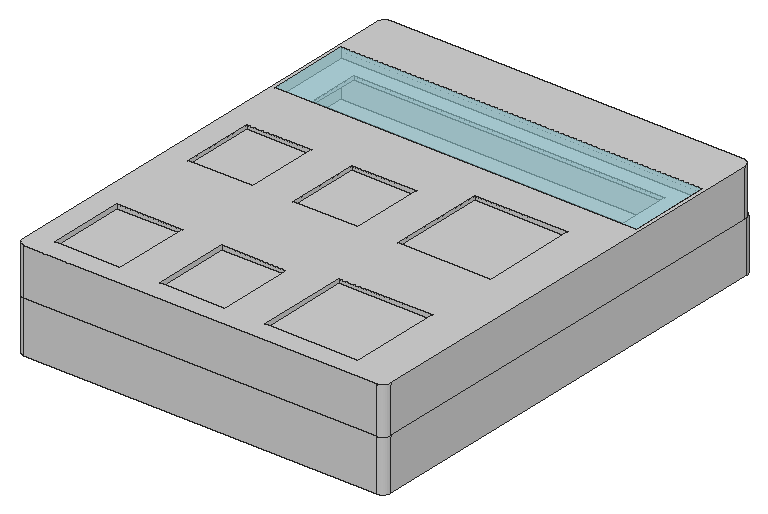
Revit family "Building-IEC309Boards-GEWISS-68QDIN-DISTRIBUTION-BOARD-20MOD_6SOCKET-OUTLETS", category Apparecchi elettrici, host Superficie, Revit 2019
Family settings
  Host = Superficie
  Mantenere orientamento annotazione = Sì
  Quota connettore circolare = Usa diametro
  Tipo di parte = Normale
  Taglio con vuoti quando caricato = No
  Condiviso = No
  Punto di calcolo locali = Sì
Parameters (values of type "GW68021N - Q-DIN 20M 2S.O.63A 4S.O.16/32A IP65")
  visibilita posizionamento 2d [instance] = yes
  simbolo 2d [instance] = yes
  oggetto in pianta [instance] = not(visibilita posizionamento 2d)  # no
  distanza_simbolo [instance] = 0.1 mm
  bordo acceso [instance] = yes
  Visibilità sportello [instance] = yes
  Version type = "Empty"
  Version file RFA = "21.5"
  VETRO = Vetro
  URL = "https://www.gewiss.com/ww/en"
  Thermo-pressure with ball = "70 °C"
  Technical sheet = "https://www.gewiss.com/ww/en/search?q=GW68021N"
  Spostamento_effettivo_S [instance] = 4000 mm - Spostamento_S  # 3000 mm
  Spostamento_S = 1000 mm
  Simbolo_quadro [instance] = not(simbolo 2d)  # no
  Shock resistance = "IK08"
  STRUTTURA ALTA = Poche
  STRUTTURA = RAL - 7035
  SEO = "Board"
  Realized by GEWISS S.p.A. = ""
  Default Elevation = 1219.2 mm
  Produttore = "GEWISS S.p.A."
  PRESA = rosso
  POMELLO = bianco
  Operating temperature: = "-25 +40 °C"
  No. of provided blank lids = "2 IEC 309 16/32A+1 63A"
  No. of modules EN 50022 = "20"
  N_Moduli = 20 mm
  Modello = "GW68021N"
  L_Moduli = N_Moduli * 19  # 380 mm
  Insulation class = "II"
  Installation type = "Surface-mounting"
  Immagine tipo = GW68021N.jpg
  IP degree = "IP65"
  IDT = "c4e5c53f-a295-41ab-9992-af314b14205a"
  IDF = "7fc76941-0cea-4757-b7ec-a7896b62d45f"
  Houseable socket = "2 IEC 309 63A - 4 IEC 309 16/32A"
  Glow Wire Test = "650°C"
  Electrocod = "2242"
  EAN code = "8011564744882"
  Dispersible power B (W) = "92"
  Dispersible power A (W) = "30"
  Descrizione = "Q-DIN 20M 2S.O.63A 4S.O.16/32A IP65"
  Colour = "Grey RAL 7035"
  Catalogue Range = "68 QDIN"
  Catalogue = "BUILDING"
  COBie.Tagnumber = ""
  COBie.CreatedOn = ""
  COBie.CreatebBy = ""
  COBie.ComponentRegisterItemID = ""
  COBie.Component.TagNumber = ""
  COBie.Component.Space = ""
  COBie.Component.SerialNumber = ""
  COBie.Component.InstallationDate = ""
  COBie.Component.Description = ""
  COBie.Component.BarCode = ""
  Accordance with Standards = "EN 60208 - EN 60670-1 - IEC 60670-24"
Reference planes
  plane 1 "Centro (Fronte/Retro)": y = 0
  plane 2: z = 0
  plane 3 "Centro (Sinistra/Destra)": x = 0
  plane 4: x = -3000
  plane 5: x = 0
Forms (mm)
  Extrusion 1, solid, detail levels coarse
    sketch origin (0, 0, 0) x (1, 0, 0) y (0, 1, 0)
      loop
        line (-225, 0) -> (225, 0) -> (225, 560) -> (-225, 560) -> (-225, 0)
    from 0 to 120
Lines and regions (mm)
  Masking region 1, visible <- "visibilita posizionamento 2d"
    outline origin (0, 0, 0) x (1, 0, 0) y (0, 0, 1)
      loop
        line (-160, 0) -> (160, 0) -> (160, 96) -> (-160, 96) -> (-160, 0)
Dimensions and locks
  plane 4 to plane 3 "Centro (Sinistra/Destra)" = 3000 mm
  "Spostamento_effettivo_S": plane 4 to plane 5
  aligned and locked: plane 2 to host face
  aligned and locked: level to host face
  aligned and locked: nested 1 to plane 5
  aligned and locked: nested 3 to plane 5
  aligned and locked: nested 2 to plane 5
  aligned and locked: plane 1 "Centro (Fronte/Retro)" to nested 2
  aligned and locked: Extrusion 1 sketch curve to nested 2  (x3)
  aligned and locked: nested 2 to Extrusion 1 sketch curve
  aligned and locked: nested 2 to host face
Automatic sketch dimensions
  host sketch curve to host sketch curve = 2438.4 mm  (x2)
  Masking region 1 sketch curve to level = 0 mm
  Masking region 1 sketch curve to plane 3 "Centro (Sinistra/Destra)" = 160 mm
  plane 3 "Centro (Sinistra/Destra)" to Masking region 1 sketch curve = 160 mm
  Masking region 1 sketch curve to Masking region 1 sketch curve = 96 mm
Nested families
  nested 1: "CENTRALINO" at (0, 737.795, 0), BORDO ACCESO <- "bordo acceso", SIMBOLO ACCESO <- "simbolo 2d", Distanza dal muro <- "distanza_simbolo", visible <- "simbolo 2d", type "CENTRALINO"
    with SIMBOLO ACCESO yes, Distanza dal muro 0.1 mm, BORDO ACCESO yes
  nested 2: "68QDIN20 QUADRO DISTRIBUZ X 6 PRESE IND_BASE" at (0, 368, 0), Visibilita sportello <- "Visibilità sportello", type "68QDIN20 QUADRO DISTRIBUZ X 6 PRESE IND_BASE", detail levels medium+fine
  nested 3: "simb_CENTRALINO_BASE_cad pro" at (0, 737.795, 0), Distanza dal muro <- "distanza_simbolo", visible <- "Simbolo_quadro", SIMBOLO ACCESO <- "Simbolo_quadro", type "simb_CENTRALINO_BASE_cad pro"
    with SIMBOLO ACCESO no, Distanza dal muro 0.1 mm, BORDO ACCESO yes
Definition of nested family "68QDIN20 QUADRO DISTRIBUZ X 6 PRESE IND_BASE"
  Parameters (values of type "68QDIN20 QUADRO DISTRIBUZ X 6 PRESE IND_BASE")
    n_moduli = 380 mm
    h_moduli = 64 mm
    Visibilita sportello [instance] = yes
    Vetro = none
    Struttura = none
    Spessore = 120 mm
    Default Elevation = 14 mm
    Presa = none
    Larghezza = 450 mm
    IFC.TypeObject = ""
    IFC.ExportType = ""
    IFC.ExportAs = ""
    COBie.CreatedOn = ""
    COBie.CreatebBy = ""
    COBie.ComponentRegisterItemID = ""
    COBie.Component.TagNumber = ""
    COBie.Component.Space = ""
    COBie.Component.SerialNumber = ""
    COBie.Component.InstallationDate = ""
    COBie.Component.Description = ""
    COBie.Component.BarCode = ""
    Altezza quadro = 560 mm
  Reference planes
    plane 1 "Centro (Fronte/Retro)": y = 0
    plane 2: z = 0
    plane 3 "Centro (Sinistra/Destra)": x = 0
    plane 4: x = -225
    plane 5: x = 225
    plane 6: x = -221
    plane 7: x = 221
    plane 8: y = 123.21
    plane 9: y = 21.246
    plane 10: y = 0
    plane 11: y = -141
    plane 12: y = -51
    plane 13: y = -368
    plane 14: y = 192
    plane 15: y = 103
    plane 16: y = 39
    plane 17: x = -190
    plane 18: x = 190
    plane 19: y = 71
    plane 20: x = -196.9
    plane 21: x = 223.1
    plane 22: x = -116.9
    plane 23: x = -68.9
    plane 24: x = 11.1
    plane 25: x = 59.1
    plane 26: x = 173.1
    plane 27: y = -230.119
    plane 28: y = -344.119
    plane 29: y = -249.119
    plane 30: z = 115
    plane 31: z = 63
    plane 32: z = 103.824
    plane 33 "POS": z = 108
    plane 34: z = 120
  Forms (mm)
    Extrusion 1, solid, material <- "Struttura"
      sketch origin (0, -857.311, 0) x (1, 0, 0) y (0, 1, 0)
        loop
          arc (-215, 1049.311) -> (-222.071, 1046.382) -> (-225, 1039.311) r 10
          line (-225, 1039.311) -> (-225, 499.311)
          arc (-225, 499.311) -> (-222.071, 492.24) -> (-215, 489.311) r 10
          line (-215, 489.311) -> (215, 489.311)
          arc (215, 489.311) -> (222.071, 492.24) -> (225, 499.311) r 10
          line (225, 499.311) -> (225, 1039.311)
          arc (225, 1039.311) -> (222.071, 1046.382) -> (215, 1049.311) r 10
          line (215, 1049.311) -> (-215, 1049.311)
      from 63 to 120
    Extrusion 2, solid, material <- "Struttura"
      sketch origin (0, -857.311, 0) x (1, 0, 0) y (0, 1, 0)
        loop
          line (217.45, 1049.311) -> (-221.38, 1049.311)
          arc (-221.38, 1049.311) -> (-223.94, 1048.251) -> (-225, 1045.691) r 3.62
          line (-225, 1045.691) -> (-225, 499.311)
          arc (-225, 499.311) -> (-222.071, 492.24) -> (-215, 489.311) r 10
          line (-215, 489.311) -> (215, 489.311)
          arc (215, 489.311) -> (222.071, 492.24) -> (225, 499.311) r 10
          line (225, 499.311) -> (225, 1041.76)
          arc (225, 1041.76) -> (222.789, 1047.099) -> (217.45, 1049.311) r 7.55
      from 0 to 63
    Extrusion 3, void
      sketch origin (0, -857.311, 0) x (1, 0, 0) y (0, 1, 0)
        loop
          line (-221, 980.52) -> (-221, 878.557) -> (221, 878.557) -> (221, 980.52) -> (-221, 980.52)
      from 63 to 120
    Extrusion 4, void
      sketch origin (0, 0, 84.734) x (0, -1, 0) y (1, 0, 0)
        loop
          line (51, -196.9) -> (141, -196.9) -> (141, -116.9) -> (51, -116.9) -> (51, -196.9)
        loop
          line (141, -68.9) -> (141, 11.1) -> (51, 11.1) -> (51, -68.9) -> (141, -68.9)
        loop
          line (23.5, 59.1) -> (141, 59.1) -> (141, 173.1) -> (23.5, 173.1) -> (23.5, 59.1)
      from 30.266 to 35.266
    Extrusion 5, void
      sketch origin (0, -126, 84.734) x (0, -1, 0) y (1, 0, 0)
        loop
          line (123.119, -196.9) -> (218.119, -196.9) -> (218.119, -116.9) -> (123.119, -116.9) -> (123.119, -196.9)
        loop
          line (218.119, -68.9) -> (218.119, 11.1) -> (123.119, 11.1) -> (123.119, -68.9) -> (218.119, -68.9)
        loop
          line (104.119, 59.1) -> (218.119, 59.1) -> (218.119, 173.1) -> (104.119, 173.1) -> (104.119, 59.1)
      from 30.266 to 35.266
    Extrusion 6, solid
      sketch origin (0, 0, 84.734) x (0, -1, 0) y (1, 0, 0)
        loop
          line (-21.246, -221) -> (-21.246, 221) -> (-123.21, 221) -> (-123.21, -221) -> (-21.246, -221)
      from 19.09 to 23.266
    Extrusion 7, void
      sketch origin (0, 0, 84.734) x (0, -1, 0) y (1, 0, 0)
        loop
          line (-39, -190) -> (-39, 190) -> (-103, 190) -> (-103, -190) -> (-39, -190)
      from 19.09 to 23.266
    Extrusion 8, solid, material <- "Vetro"
      sketch origin (0, 0, 84.734) x (0, -1, 0) y (1, 0, 0)
        loop
          line (-21.246, -221) -> (-21.246, 221) -> (-123.21, 221) -> (-123.21, -221) -> (-21.246, -221)
      from 30.266 to 35.266
  Cuts and joins
    Extrusion 3, Extrusion 4, Extrusion 5 cuts Extrusion 1
    Extrusion 7 cuts Extrusion 6
  Lines and regions (mm)
    model lines
      curve 1: line (190, 71, 108) -> (-190, 71, 108)
  Dimensions and locks
    locked: plane 4 to plane 6 at 4
    locked: plane 7 to plane 5 at 4
    equal spacing: plane 4, plane 3 "Centro (Sinistra/Destra)", plane 5
    "Larghezza": plane 4 to plane 5
    plane 10 to plane 12 = 51 mm
    plane 1 "Centro (Fronte/Retro)" to plane 14 = 192 mm
    plane 13 to plane 10 = 368 mm
    plane 9 to plane 1 "Centro (Fronte/Retro)" = 21.246 mm
    plane 8 to plane 14 = 68.79 mm
    "h_moduli": plane 15 to plane 16
    equal spacing: plane 17, plane 3 "Centro (Sinistra/Destra)", plane 18
    "n_moduli": plane 17 to plane 18
    equal spacing: plane 15, plane 19, plane 16
    locked: plane 21 to plane 5 at 1.9
    plane 20 to plane 22 = 80 mm  (x2)
    plane 22 to plane 23 = 48 mm  (x2)
    plane 25 to plane 26 = 114 mm
    plane 23 to plane 3 "Centro (Sinistra/Destra)" = 68.9 mm
    plane 24 to plane 25 = 48 mm
    plane 12 to plane 11 = 90 mm
    plane 4 to plane 5 = 450 mm
    locked: plane 1 "Centro (Fronte/Retro)" to plane 14 at 192
    "Altezza quadro": plane 13 to plane 14
    plane 26 to plane 21 = 50 mm
    plane 27 to plane 28 = 114 mm
    plane 29 to plane 28 = 95 mm
    plane 23 to plane 24 = 80 mm
    cut or joined group of Extrusion 1, Extrusion 3, Extrusion 4, Extrusion 5 to cut or joined group of Extrusion 1, Extrusion 3, Extrusion 4, Extrusion 5 = 117.5 mm
    locked: plane 31 to level at 63
    locked: plane 33 "POS" to plane 32 at 4.176
    locked: plane 30 to plane 34 at 5
    plane 33 "POS" to plane 34 = 12 mm
    "Spessore": plane 34 to level
    radius of Extrusion 2 sketch curve = 10 mm  (x2)
    radius of Extrusion 2 sketch curve = 3.62 mm
    radius of Extrusion 2 sketch curve = 7.55 mm
    radius of Extrusion 1 sketch curve = 10 mm  (x4)
    aligned and locked: level to plane 2
    aligned and locked: Extrusion 2 sketch curve to plane 4
    aligned and locked: plane 5 to Extrusion 2 sketch curve
    aligned and locked: plane 5 to Extrusion 1 sketch curve
    aligned and locked: Extrusion 1 sketch curve to plane 4
    aligned and locked: Extrusion 3 sketch curve to plane 6
    aligned and locked: Extrusion 3 sketch curve to plane 7
    aligned and locked: Extrusion 3 sketch curve to plane 8
    aligned and locked: Extrusion 3 sketch curve to plane 9
    aligned and locked: plane 13 to Extrusion 2 sketch curve
    aligned and locked: plane 1 "Centro (Fronte/Retro)" to plane 10
    aligned and locked: plane 14 to Extrusion 1 sketch curve
    aligned and locked: plane 13 to Extrusion 1 sketch curve
    aligned and locked: Extrusion 2 sketch curve to plane 14
    aligned and locked: Extrusion 4 sketch curve to plane 12
    aligned and locked: Extrusion 4 sketch curve to plane 20
    aligned and locked: Extrusion 4 sketch curve to plane 22
    aligned and locked: Extrusion 4 sketch curve to plane 23
    aligned and locked: Extrusion 4 sketch curve to plane 24
    aligned and locked: Extrusion 4 sketch curve to plane 25
    aligned and locked: Extrusion 4 sketch curve to plane 26
    aligned and locked: Extrusion 1 to Extrusion 4
    aligned and locked: Extrusion 4 sketch curve to plane 11  (x3)
    aligned and locked: Extrusion 5 sketch curve to plane 28  (x3)
    aligned and locked: plane 26 to Extrusion 5 sketch curve
    aligned and locked: plane 25 to Extrusion 5 sketch curve
    aligned and locked: plane 24 to Extrusion 5 sketch curve
    aligned and locked: Extrusion 5 sketch curve to plane 23
    aligned and locked: Extrusion 5 sketch curve to plane 22
    aligned and locked: Extrusion 5 sketch curve to plane 20
    aligned and locked: plane 27 to Extrusion 5 sketch curve
    aligned and locked: Extrusion 5 sketch curve to plane 29  (x2)
    aligned and locked: Extrusion 5 to Extrusion 4
    aligned and locked: plane 30 to cut or joined group of Extrusion 1, Extrusion 3, Extrusion 4, Extrusion 5
    aligned and locked: cut or joined group of Extrusion 1, Extrusion 3, Extrusion 4, Extrusion 5 to plane 31  (x2)
    aligned and locked: plane 31 to Extrusion 2
    aligned and locked: cut or joined group of Extrusion 1, Extrusion 3, Extrusion 4, Extrusion 5 to cut or joined group of Extrusion 1, Extrusion 3, Extrusion 4, Extrusion 5
    aligned and locked: cut or joined group of Extrusion 1, Extrusion 3, Extrusion 4, Extrusion 5 to plane 34  (x2)
    aligned and locked: Extrusion 6 sketch curve to plane 6
    aligned and locked: Extrusion 6 sketch curve to plane 7
    aligned and locked: Extrusion 6 sketch curve to cut or joined group of Extrusion 1, Extrusion 3, Extrusion 4, Extrusion 5  (x2)
    aligned and locked: Extrusion 6 to plane 32
    aligned and locked: plane 33 "POS" to Extrusion 6
    aligned and locked: Extrusion 7 sketch curve to plane 17
    aligned and locked: Extrusion 7 sketch curve to plane 16
    aligned and locked: Extrusion 7 sketch curve to plane 15
    aligned and locked: Extrusion 7 sketch curve to plane 18
    aligned and locked: Extrusion 7 to plane 32
    aligned and locked: plane 33 "POS" to Extrusion 7
    aligned and locked: Extrusion 8 sketch curve to plane 6
    aligned and locked: Extrusion 8 sketch curve to plane 7
    aligned and locked: Extrusion 8 sketch curve to cut or joined group of Extrusion 1, Extrusion 3, Extrusion 4, Extrusion 5
    aligned and locked: Extrusion 8 sketch curve to cut or joined group of Extrusion 6, Extrusion 7
    aligned and locked: cut or joined group of Extrusion 1, Extrusion 3, Extrusion 4, Extrusion 5 to Extrusion 8  (x2)
    aligned and locked: curve 1 to plane 19
    aligned and locked: plane 17 to curve 1
    aligned and locked: plane 18 to curve 1
  Automatic sketch dimensions
    plane 12 to Extrusion 4 sketch curve = 27.5 mm
    Extrusion 4 sketch curve to plane 12 = 0 mm
Definition of nested family "CENTRALINO"
  Parameters (values of type "CENTRALINO")
    SIMBOLO ACCESO [instance] = yes
    Distanza dal muro [instance] = 0 mm
    BORDO ACCESO [instance] = yes
  Reference planes
    plane 1: y = 0
    plane 2: x = 0
  Dimensions and locks
    "Distanza dal muro": plane 1 to nested 1
    aligned and locked: plane 2 to nested 1
  Nested families
    nested 1: "CENTRALINO_BASE" at (0, 0, 0), BORDO ACCESO <- "BORDO ACCESO", visible <- "SIMBOLO ACCESO", type "CENTRALINO"
      with BORDO ACCESO yes
  Definition of nested family "CENTRALINO_BASE"
    Parameters (values of type "CENTRALINO")
      Distanza dal muro = 0 mm
      BORDO ACCESO [instance] = yes
    Reference planes
      plane 1: y = 0
      plane 2: x = 0
    Lines and regions (mm)
      detail lines, visible <- "BORDO ACCESO", not visible
        curve 1: line (-2.443, 10.208, 0) -> (2.057, 10.208, 0)
        curve 2: line (2.057, 10.208, 0) -> (2.057, 4.208, 0)
        curve 3: line (2.057, 4.208, 0) -> (-2.443, 4.208, 0)
        curve 4: line (-2.443, 4.208, 0) -> (-2.443, 10.208, 0)
        curve 5: line (-2.043, 9.808, 0) -> (1.657, 9.808, 0)
        curve 6: line (1.657, 9.808, 0) -> (1.657, 4.608, 0)
        curve 7: line (1.657, 4.608, 0) -> (-2.043, 4.608, 0)
        curve 8: line (-2.043, 4.608, 0) -> (-2.043, 9.808, 0)
      detail lines
        curve 9: line (0, 0.671, 0) -> (0, 0, 0)
        curve 10: line (0.659, 0.671, 0) -> (0.659, 1.33, 0)
        curve 11: line (0.659, 1.33, 0) -> (-0.659, 1.33, 0)
        curve 12: line (-0.659, 1.33, 0) -> (-0.659, 0.671, 0)
        curve 13: line (-0.659, 0.671, 0) -> (0.659, 0.671, 0)
        curve 14: line (0.497, 1.33, 0) -> (0.497, 2, 0)
        curve 15: line (0.167, 1.33, 0) -> (0.167, 2, 0)
        curve 16: line (-0.162, 1.33, 0) -> (-0.162, 2, 0)
        curve 17: line (-0.491, 1.33, 0) -> (-0.491, 2, 0)
Definition of nested family "simb_CENTRALINO_BASE_cad pro"
  Parameters (values of type "simb_CENTRALINO_BASE_cad pro")
    SIMBOLO ACCESO [instance] = yes
    Distanza dal muro [instance] = 0 mm
    BORDO ACCESO [instance] = yes
  Reference planes
    plane 1: y = 0
    plane 2: x = 0
  Dimensions and locks
    "Distanza dal muro": plane 1 to nested 1
    aligned and locked: plane 2 to nested 1
  Nested families
    nested 1: "CENTRALINO_BASE_cad pro" at (0, 0, 0), type "CENTRALINO"
  Definition of nested family "CENTRALINO_BASE_cad pro"
    Parameters (values of type "CENTRALINO")
      Distanza dal muro = 0 mm
    Reference planes
      plane 1: y = 0
      plane 2: x = 0
    Lines and regions (mm)
      detail lines
        curve 1: line (1.33, 1.33, 0) -> (2.109, 1.33, 0)
        curve 2: line (2.109, 1.33, 0) -> (2.109, 0, 0)
        curve 3: line (2.109, 0, 0) -> (1.33, 0, 0)
        curve 4: line (1.33, 0, 0) -> (-1.33, 1.33, 0)
        curve 5: line (-1.33, 1.33, 0) -> (1.33, 1.33, 0)
        curve 6: line (1.33, 1.33, 0) -> (1.33, 0, 0)
        curve 7: line (1.33, 0, 0) -> (-1.33, 0, 0)
        curve 8: line (-1.33, 0, 0) -> (-1.33, 1.33, 0)
        curve 9: line (1.461, 0.665, 0) -> (1.977, 0.665, 0)
        curve 10: line (1.719, 0.665, 0) -> (1.719, 1.01, 0)
        curve 11: arc (1.977, 0.406, 0) -> (1.719, 0.665, 0) -> (1.461, 0.406, 0) r 0.258
